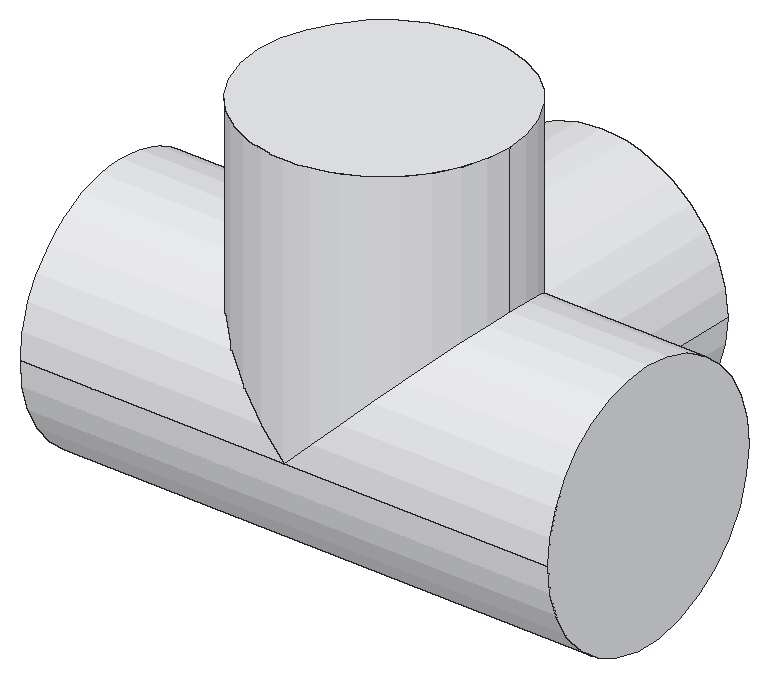
Revit family "PA_Крестовина [фитинг полипропиленовый - крестовина двухплоскостная VTp.778.0]1 - VALTEC", category Арматура трубопроводов, Revit 2019
Family settings
  Размер круглого соединителя = Использовать диаметр
  Тип детали = Нормальный
  На основе рабочей плоскости = Нет
  Всегда вертикально = Да
  При загрузке вырезать с полостями = Нет
  Общий = Нет
Parameters (values of type "VTp.778.0")
  Таблица = "PF_Крестовина [фитинг полипропиленовый - крестовина двухплоскостная VTp.778.0] - VALTEC"  # constant formula
  Пользовательский [instance] = no
  Manufacturer = ""
  h [instance] = size_lookup(Таблица, "h", 0 mm, d)  # 31.5 mm
  dn [instance] = size_lookup(Таблица, "dn", 0 mm, d)  # 29 mm
  d [instance] = 20 mm
  URL = "https://valtec.ru/"
  H [instance] = size_lookup(Таблица, "H", 0 mm, d)  # 46 mm
  ADSK_Примечание [instance] = ""
  ADSK_Позиция [instance] = ""
  ADSK_Обозначение [instance] = "VTp.778.0"  # constant formula
  ADSK_Наименование [instance] = size_lookup(Таблица, "", "Данный типоразмер отсутствует", d)  # "Фитинг полипропиленовый - крестовина двухплоскостная, 20 мм"
  ADSK_Материал = Пластик белый - VALTEC
  ADSK_Масса [instance] = size_lookup(Таблица, "Масса", 0, d)  # 0.023
  ADSK_Марка [instance] = size_lookup(Таблица, "Маркировка", "Данный типоразмер отсутствует", d)  # "20"
  ADSK_Код изделия [instance] = size_lookup(Таблица, "Код продукта", "Данный типоразмер отсутствует", d)  # "VTp.778.0.020"
  ADSK_Завод-изготовитель [instance] = "VALTEC"  # constant formula
  ADSK_Единица измерения [instance] = "шт."  # constant formula
  ADSK_URL страницы изделия = "https://valtec.ru/catalog/sistemy_polipropilenovyh_truboprovodov/polipropilenovye_fitingi/fiting_polipropilenovyj_krestovina_dvuhploskostnaya_vtp7780.html"
  ADSK_URL документации изделия = "https://valtec.ru/document/technical/VTp.700-fitingi-0419.pdf"
  A [instance] = size_lookup(Таблица, "A", 0 mm, d)  # 61 mm
Reference planes
  plane 1 "По центру (Вперед/Назад)": y = 0
  plane 2: z = 0
  plane 3 "По центру (Влево/Вправо)": x = 0
  plane 4: x = -30.5
  plane 5: x = 30.5
  plane 6: y = 31.5
  plane 7: z = 31.5
Forms (mm)
  Extrusion 1, solid, material "Пластик белый - VALTEC" <- "ADSK_Материал", detail levels medium+fine
    sketch origin (0, 0, 0) x (0, 1, 0) y (0, 0, 1)
      loop
        circle (0, 0) r 14.5
    from -30.5 to 30.5
  Extrusion 2, solid, material "Пластик белый - VALTEC" <- "ADSK_Материал", detail levels medium+fine
    sketch origin (0, 0, 0) x (1, 0, 0) y (0, 0, 1)
      loop
        circle (0, 0) r 14.5
    from -31.5 to 0
  Extrusion 3, solid, material "Пластик белый - VALTEC" <- "ADSK_Материал", detail levels medium+fine
    sketch origin (0, 0, 0) x (1, 0, 0) y (0, 1, 0)
      loop
        circle (0, 0) r 14.5
    from 0 to 31.5
Cuts and joins
  joined: Extrusion 1, Extrusion 2, Extrusion 3
Lines and regions (mm)
  model lines, detail levels coarse
    curve 1: line (0, 31.5, 0) -> (0, 0, 0)
    curve 2: line (30.5, 0, 0) -> (-30.5, 0, 0)
    curve 3: line (0, 0, 31.5) -> (0, 0, 0)
Dimensions and locks
  equal spacing: plane 4, plane 3 "По центру (Влево/Вправо)", plane 5
  "A": plane 4 to plane 5
  "h": plane 1 "По центру (Вперед/Назад)" to plane 6
  "h": plane 7 to plane 2
  "dn": diameter of Extrusion 1 sketch curve
  "dn": diameter of Extrusion 2 sketch curve
  "dn": diameter of Extrusion 3 sketch curve
  aligned and locked: level to plane 2
  aligned and locked: plane 2 to Extrusion 1 sketch curve
  aligned and locked: plane 1 "По центру (Вперед/Назад)" to Extrusion 1 sketch curve
  aligned and locked: Extrusion 1 to plane 4
  aligned and locked: Extrusion 1 to plane 5
  aligned and locked: plane 2 to Extrusion 2 sketch curve
  aligned and locked: plane 3 "По центру (Влево/Вправо)" to Extrusion 2 sketch curve
  aligned and locked: plane 6 to Extrusion 2
  aligned and locked: plane 5 to curve 2
  aligned and locked: plane 4 to curve 2
  aligned and locked: curve 2 to plane 1 "По центру (Вперед/Назад)"
  aligned and locked: plane 6 to curve 1
  aligned and locked: curve 1 to plane 3 "По центру (Влево/Вправо)"
  aligned and locked: plane 1 "По центру (Вперед/Назад)" to cut or joined group of Extrusion 1, Extrusion 2, Extrusion 3
  aligned and locked: plane 1 "По центру (Вперед/Назад)" to curve 1
  aligned and locked: plane 1 "По центру (Вперед/Назад)" to Extrusion 3 sketch curve
  aligned and locked: plane 3 "По центру (Влево/Вправо)" to Extrusion 3 sketch curve
  aligned and locked: Extrusion 3 to plane 2
  aligned and locked: plane 7 to Extrusion 3
  aligned and locked: plane 7 to curve 3
  aligned and locked: plane 2 to curve 3
  aligned and locked: curve 3 to plane 1 "По центру (Вперед/Назад)"
Connectors
  piping at (-30.5, 0, 0), diameter 20, driven by "d"
    settings: on cut or joined group of Extrusion 1, Extrusion 2, Extrusion 3, index 1, connector inside diameter 609.6 mm, connector length 0 mm, flow factor 0, pipe flow 0.0 L/s, pressure drop 0.0 Pa, fitting loss kfactor 0, connector angle 0.00°, fixture units 0, engagement length 0 mm, angle of deflection 0.00°, flow configuration 0, flow direction 0, fitting loss method 0, system type 28, joint type 0, gender type 0, connector reference index 3, connector utility 0, adjustable connector no, is connector primary yes, connector description ""
  piping at (30.5, 0, 0), diameter 20, driven by "d"
    settings: on cut or joined group of Extrusion 1, Extrusion 2, Extrusion 3, index 3, connector inside diameter 609.6 mm, connector length 0 mm, flow factor 0, pipe flow 0.0 L/s, pressure drop 0.0 Pa, fitting loss kfactor 0, connector angle 0.00°, fixture units 0, engagement length 0 mm, angle of deflection 0.00°, flow configuration 0, flow direction 0, fitting loss method 0, system type 28, joint type 0, gender type 0, connector reference index 1, connector utility 0, adjustable connector no, is connector primary no, connector description ""
  piping at (0, 31.5, 0), diameter 20, driven by "d"
    settings: on cut or joined group of Extrusion 1, Extrusion 2, Extrusion 3, index 4, connector inside diameter 609.6 mm, connector length 0 mm, flow factor 0, pipe flow 0.0 L/s, pressure drop 0.0 Pa, fitting loss kfactor 0, connector angle 0.00°, fixture units 0, engagement length 0 mm, angle of deflection 0.00°, flow configuration 0, flow direction 0, fitting loss method 0, system type 28, joint type 0, gender type 0, connector reference index 5, connector utility 0, adjustable connector no, is connector primary no, connector description ""
  piping at (0, 0, 31.5), diameter 20, driven by "d"
    settings: on curve 3, index 5, connector inside diameter 609.6 mm, connector length 0 mm, flow factor 0, pipe flow 0.0 L/s, pressure drop 0.0 Pa, fitting loss kfactor 0, connector angle 0.00°, fixture units 0, engagement length 0 mm, angle of deflection 0.00°, flow configuration 0, flow direction 0, fitting loss method 0, system type 28, joint type 0, gender type 0, connector reference index 4, connector utility 0, adjustable connector no, is connector primary no, connector description ""
